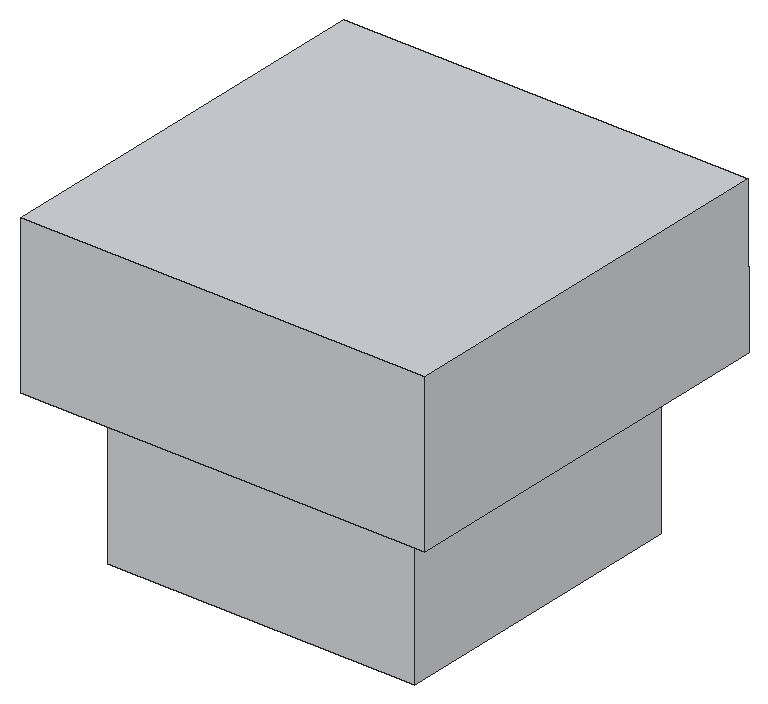
Revit family "FA-SERIES", category Generic Models, Revit 2016
Family settings
  Part Type = Normal
  Can host rebar = No
  Round Connector Dimension = Use Diameter
  Work Plane-Based = No
  Always vertical = Yes
  Cut with Voids When Loaded = No
  Shared = No
  Room Calculation Point = No
Parameters (values of type "FA 15")
  URL = "http://www.reversomatic.com/product/fa-series/"
  Submittals = "http://www.reversomatic.com/wp-content/uploads/2015/01/re-serie-1.pdf"
  Model = "FA 15"
  Manufacturer = "REVERSOMATIC"
  J = 6.25"
  H = 10.25"
  G = 6.88"
  F = 18.62"
  E = 15.88"
  D = 32.38"
  C = -16.50"
  BB = B + 0.25"  # -32.87"
  B = -33.12"
  A = 42.62"
Types (6): name | Model | J | H | G | F | E | D | C | BB | B | A
  (no name) | "FA 15" | 6.25" | 10.25" | 6.88" | 18.62" | 15.88" | 32.38" | -16.50" | -32.87" | -33.12" | 42.62"
  FA 18 | "FA 18" | 6.50" | 11.00" | 7.25" | 21.88" | 18.88" | 36.38" | -20.75" | -40.00" | -40.25" | 45.31"
  FA 15 | "FA 15" | 6.25" | 10.25" | 6.88" | 18.62" | 15.88" | 32.38" | -16.50" | -32.87" | -33.12" | 42.62"
  FA 12 | "FA 12" | 9.47" | 9.47" | 8.36" | 15.62" | 13.44" | 32.38" | -16.50" | -32.87" | -33.12" | 42.62"
  FA 10 | "FA 10" | 8.50" | 8.50" | 7.62" | 13.12" | 11.38" | 28.38" | -12.25" | -29.75" | -30.00" | 38.50"
  FA 9 | "FA 9" | 7.06" | 7.06" | 6.28" | 11.81" | 10.25" | 24.35" | -10.25" | -25.87" | -26.12" | 32.38"
Reference planes (in)
  plane 1 "Center (Front/Back)": y = 0
  plane 2: z = 0
  plane 3 "Center (Left/Right)": x = 0
  plane 4: x = -21.31
  plane 5: x = 21.31
  plane 6: y = -21.31
  plane 7: y = 21.31
  plane 8: x = -16.19
  plane 9: x = 16.19
  plane 10: y = -7.94
  plane 11: y = 7.94
  plane 12: x = -9.31
  plane 13: x = 9.31
  plane 14: y = -16.19
  plane 15: y = 16.19
Forms (in)
  Extrusion 1, solid
    sketch origin (0, 0, 0) x (1, 0, 0) y (0, 1, 0)
      loop
        line (-21.31, 21.31) -> (-21.31, -21.31) -> (21.31, -21.31) -> (21.31, 21.31) -> (-21.31, 21.31)
    from 0 to -16.5 <- "C"
  Extrusion 2, solid
    sketch origin (0, 0, 0) x (1, 0, 0) y (0, 1, 0)
      loop
        line (-16.19, 16.19) -> (-16.19, -16.19) -> (16.19, -16.19) -> (16.19, 16.19) -> (-16.19, 16.19)
    from 0 to -33.12 <- "B"
  Extrusion 3, void
    sketch origin (0, 0, 0) x (1, 0, 0) y (0, 1, 0)
      loop
        line (-9.31, 7.94) -> (-9.31, -7.94) -> (9.31, -7.94) -> (9.31, 7.94) -> (-9.31, 7.94)
    from -33.12 <- "B" to -32.87 <- "BB"
Cuts and joins
  Extrusion 3 cuts Extrusion 1
  Extrusion 3 cuts Extrusion 2
  joined: Extrusion 1, Extrusion 2
Lines and regions (in)
  model lines
    curve 1: line (-21.31, 21.31, 0) -> (21.31, -21.31, 0)
    curve 2: line (21.31, 21.31, 0) -> (-21.31, -21.31, 0)
Dimensions and locks (in)
  equal spacing: plane 7, plane 1 "Center (Front/Back)", plane 6
  "A": plane 7 to plane 6
  "A": plane 4 to plane 5
  equal spacing: plane 4, plane 3 "Center (Left/Right)", plane 5
  equal spacing: plane 8, plane 3 "Center (Left/Right)", plane 9
  "D": plane 8 to plane 9
  equal spacing: plane 10, plane 1 "Center (Front/Back)", plane 11
  "E": plane 10 to plane 11
  equal spacing: plane 12, plane 3 "Center (Left/Right)", plane 13
  equal spacing: plane 14, plane 1 "Center (Front/Back)", plane 15
  "F": plane 12 to plane 13
  "D": plane 14 to plane 15
  plane 8 to plane 12 = 6.88"
  plane 11 to plane 15 = 8.25"
  "A": cut or joined group of Extrusion 1, Extrusion 2, Extrusion 3 to cut or joined group of Extrusion 1, Extrusion 2, Extrusion 3  (x2)
  cut or joined group of Extrusion 1, Extrusion 2, Extrusion 3 to cut or joined group of Extrusion 1, Extrusion 2, Extrusion 3 = 16.50"
  "D": cut or joined group of Extrusion 1, Extrusion 2, Extrusion 3 to cut or joined group of Extrusion 1, Extrusion 2, Extrusion 3  (x2)
  cut or joined group of Extrusion 1, Extrusion 2, Extrusion 3 to cut or joined group of Extrusion 1, Extrusion 2, Extrusion 3 = 33.12"
  "F": cut or joined group of Extrusion 1, Extrusion 2, Extrusion 3 to cut or joined group of Extrusion 1, Extrusion 2, Extrusion 3
  "E": cut or joined group of Extrusion 1, Extrusion 2, Extrusion 3 to cut or joined group of Extrusion 1, Extrusion 2, Extrusion 3
  aligned and locked: plane 2 to level
  aligned and locked: Extrusion 1 sketch curve to plane 5
  aligned and locked: plane 6 to Extrusion 1 sketch curve
  aligned and locked: plane 4 to Extrusion 1 sketch curve
  aligned and locked: Extrusion 1 sketch curve to plane 7
  aligned and locked: plane 14 to Extrusion 2 sketch curve
  aligned and locked: plane 9 to Extrusion 2 sketch curve
  aligned and locked: plane 15 to Extrusion 2 sketch curve
  aligned and locked: Extrusion 2 sketch curve to plane 8
  aligned and locked: Extrusion 3 sketch curve to plane 13
  aligned and locked: plane 11 to Extrusion 3 sketch curve
  aligned and locked: plane 12 to Extrusion 3 sketch curve
  aligned and locked: plane 10 to Extrusion 3 sketch curve
Automatic sketch dimensions
  curve 2 to plane 4 = 0.00"
  curve 1 to plane 4 = 0.00"
  curve 2 to plane 5 = 0.00"
  curve 1 to plane 5 = 0.00"
  curve 1 to plane 6 = 0.00"
  curve 2 to plane 6 = 0.00"
  curve 2 to plane 7 = 0.00"
  curve 1 to plane 7 = 0.00"
